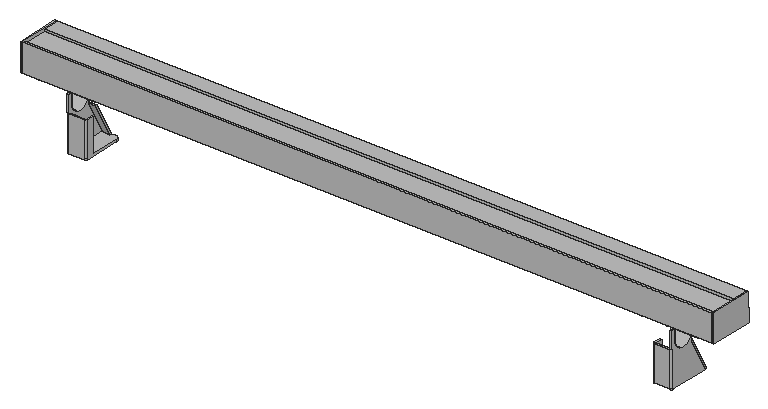
Revit family "4070755+4070747+4070771 Feilo Sylvania Lighting Fixtures CURSUS 876MM 577LM WIDE LED 4K with SINGLE WALL HOUSING with 70MM WALL BRACKET", category Lighting Fixtures, host Face, Revit 2017
Family settings
  Host = Face
  Round Connector Dimension = Use Diameter
  Part Type = Normal
  OmniClass Number = 23.80.70.14
  OmniClass Title = Luminaries for External Lighting
  Cut with Voids When Loaded = Yes
  Light Source = No
  Shared = No
  Room Calculation Point = No
Parameters (values of type "4070755 CURSUS 876MM 577LM WIDE LED 4K")
  Weight = "1.7 kg"
  Wattage Comments = "n/a"
  WarrantyStartDate [instance] = "n/a"
  WarrantyGuarantorParts = "n/a"
  WarrantyDurationUnit = "n/a"
  WarrantyDurationParts = "n/a"
  WarrantyDescription = "n/a"
  Voltage = 24 V
  URL = "http://www.sylvania-lighting.com"
  TypeName = "CURSUS 876MM 577LM WIDE LED 4K"
  TypeFixture_FEILO = CURSUS with SINGLE WALL HOUSING : CURSUS 876MM 577LM WIDE LED 4K
  Type Image = <None>
  Type Comments = "n/a"
  TiltAngle [instance] = 0.00°
  StartAngle [instance] = TiltAngle + 270.00°  # 270.00°
  SerialNumber [instance] = "n/a"
  ReflectorMaterial = none
  PowerFactor = 0
  PowerConsumption = "13.5 W"
  NominalLength = 876 mm
  NominalHeight = 50 mm
  NominalDepth = 30 mm
  Name = "CURSUS 876MM 577LM WIDE LED 4K"
  ModelReference = Name  # "CURSUS 876MM 577LM WIDE LED 4K"
  ModelNumber = "4070755"
  Model = Name  # "CURSUS 876MM 577LM WIDE LED 4K"
  Material = "natural anodised extruded aluminium structure housing"
  ManufacturerName = "Feilo Sylvania"
  Manufacturer = "Feilo Sylvania"
  LuminousEfficacy = "42.74 lm/W"
  LuminaireType = ""
  LightOutputRatio = "100"
  LampsType = Lamp  # "LED"
  LampNominalLuminous = "577 lm"
  LampMacAdamStep = "n/a"
  LampColourTemperature = "4000 K"
  LampColourRenderingIndex = "80"
  Lamp = "LED"
  Keynote = "16500"
  InstallationDate [instance] = "n/a"
  InputVoltage = "24V DC"
  InputNominalFrequency = "n/a"
  IngressProtection = "IP67"
  ImpactProtectionIndex = "IK07"
  IfcExportType = "IfcLightFixtureType"
  IfcExportAs = "IfcLightFixtureType"
  ExpectedLife = 50000
  EndAngle [instance] = StartAngle - 180.00°  # 90.00°
  ElectricShockClassification = "Class III"
  DurationUnit = "hours"
  DocumentationLiterature = "http://www.sylvania-lighting.com/product/en-int/products/4070755"
  DimmingControlOptions = "n/a"
  DiffuserMaterial = Diffuser-Sylvania-Glow
  Description = "LED Exterior Lighting Recessed Surface Mounted Linear Fixture, Natural anodised extruded aluminium structure. Die-cast aluminium end caps. Installation kit with harmonic steel springs., 577 lm, 13,5W,  42lm/W, 4000K, CRI80+,non dimmable,IP67, IK07, (HxWxD) 876x50x30mm, 3 step Mac Adam Ellipse, 1.7kg,, Classe III, 21-25V-DC, energy class : A++, A+, A"
  Default Elevation = 1219.2 mm
  CreatedOn = "1/8/2018"
  CreatedBy = ""
  Cost = 0
  built-in parameter 1114216 [instance] = (empty or 0)
  ClassificationValue = "EF_70_80"
  ClassificationName = "Uniclass2015"
  BracketWidth = 24 mm
  BracketThickness = 2 mm
  BracketHeightEnd = 32 mm
  BracketHeight = 55 mm
  BracketFlange = BracketHeight / 5  # 11 mm
  BracketExtension = 70 mm
  BracketEndReduction = 25 mm
  BracketC = 22 mm  # constant formula
  BracketDistance = 745 mm
  BracketD = BracketHeightEnd - (BracketC * (BracketHeight - BracketHeightEnd) / (BracketExtension - BracketEndReduction))  # 20.756 mm
  BodyMaterial = Body-Sylvania-Gray
  BarCode [instance] = "n/a"
  AssetType = "Fixed"
  AssetIdentifier [instance] = "n/a"
  Assembly Code = "D5020200"
  Apparent Load = 13.5 VA
  AccessoryMaterial = Diffuser-Sylvania-Glow
Reference planes
  plane 1 "Center (Front/Back)": y = 0
  plane 2: z = 0
  plane 3 "Center (Left/Right)": x = 0
  plane 4: x = -384.5
  plane 5: x = 384.5
  plane 6: y = 55
  plane 7: x = -360.5
  plane 8: x = 360.5
  plane 9: z = 70
  plane 10: z = 56
  plane 11: z = 2
  plane 12: z = 45
  plane 13: x = -382.5
  plane 14: y = 53
  plane 15: y = 2
  plane 16: x = -362.5
  plane 17: x = 362.5
  plane 18: x = 382.5
  plane 19: x = -372.5
  plane 20: x = 372.5
  plane 21: y = 11
  plane 22: y = 32
  plane 23: y = 30
  plane 24: z = 67
  plane 25: y = 20.756
  plane 26: y = 16
Forms (mm)
  Blend 1, solid, material "Body-Sylvania-Gray" <- "BodyMaterial"
    base sketch origin (1223.4, -4572, 2) x (0, -1, 0) y (1, 0, 0)
      loop
        line (-4625, -1595.9) -> (-4627, -1595.9) -> (-4627, -1605.9)
        arc (-4627, -1605.9) -> (-4626.414, -1607.314) -> (-4625, -1607.9) r 2
        line (-4625, -1607.9) -> (-4574, -1607.9)
        arc (-4574, -1607.9) -> (-4572.586, -1607.314) -> (-4572, -1605.9) r 2
        line (-4572, -1605.9) -> (-4572, -1585.9)
        arc (-4572, -1585.9) -> (-4572.586, -1584.486) -> (-4574, -1583.9) r 2
        line (-4574, -1583.9) -> (-4583, -1583.9) -> (-4583, -1585.9) -> (-4574, -1585.9) -> (-4574, -1605.9) -> (-4625, -1605.9) -> (-4625, -1595.9)
    top sketch origin (1223.4, -4572, 2) x (0, -1, 0) y (1, 0, 0)
      loop
        line (-4583, -1585.9) -> (-4574, -1585.9) -> (-4574, -1605.9) -> (-4602, -1605.9) -> (-4602, -1595.9) -> (-4604, -1595.9) -> (-4604, -1605.9)
        arc (-4604, -1605.9) -> (-4603.52, -1607.21) -> (-4602.309, -1607.9) r 2.028
        line (-4602.309, -1607.9) -> (-4574, -1607.9)
        arc (-4574, -1607.9) -> (-4572.586, -1607.314) -> (-4572, -1605.9) r 2
        line (-4572, -1605.9) -> (-4572, -1585.9)
        arc (-4572, -1585.9) -> (-4572.586, -1584.486) -> (-4574, -1583.9) r 2
        line (-4574, -1583.9) -> (-4583, -1583.9) -> (-4583, -1585.9)
    from 0 to 43
  Extrusion 2, solid, material "Body-Sylvania-Gray" <- "BodyMaterial"
    sketch origin (0, 0, 0) x (1, 0, 0) y (0, 1, 0)
      loop
        arc (-382.5, 55) -> (-383.914, 54.414) -> (-384.5, 53) r 2
        line (-384.5, 53) -> (-384.5, 2)
        arc (-384.5, 2) -> (-383.914, 0.586) -> (-382.5, 0) r 2
        line (-382.5, 0) -> (-362.5, 0)
        arc (-362.5, 0) -> (-361.086, 0.586) -> (-360.5, 2) r 2
        line (-360.5, 2) -> (-360.5, 47.5)
        arc (-360.5, 47.5) -> (-362.697, 52.803) -> (-368, 55) r 7.5
        line (-368, 55) -> (-382.5, 55)
      loop
        line (382.5, 55) -> (368, 55)
        arc (368, 55) -> (362.697, 52.803) -> (360.5, 47.5) r 7.5
        line (360.5, 47.5) -> (360.5, 2)
        arc (360.5, 2) -> (361.086, 0.586) -> (362.5, 0) r 2
        line (362.5, 0) -> (382.5, 0)
        arc (382.5, 0) -> (383.914, 0.586) -> (384.5, 2) r 2
        line (384.5, 2) -> (384.5, 53)
        arc (384.5, 53) -> (383.914, 54.414) -> (382.5, 55) r 2
    from 0 to 2
  Blend 3, solid, material "Body-Sylvania-Gray" <- "BodyMaterial"
    base sketch origin (1223.4, -4572, 2) x (0, -1, 0) y (1, 0, 0)
      loop
        line (-4625, -840.9) -> (-4574, -840.9) -> (-4574, -860.9) -> (-4583, -860.9) -> (-4583, -862.9) -> (-4574, -862.9)
        arc (-4574, -862.9) -> (-4572.586, -862.314) -> (-4572, -860.9) r 2
        line (-4572, -860.9) -> (-4572, -840.9)
        arc (-4572, -840.9) -> (-4572.586, -839.486) -> (-4574, -838.9) r 2
        line (-4574, -838.9) -> (-4625, -838.9)
        arc (-4625, -838.9) -> (-4626.414, -839.486) -> (-4627, -840.9) r 2
        line (-4627, -840.9) -> (-4627, -850.9) -> (-4625, -850.9) -> (-4625, -840.9)
    top sketch origin (1223.4, -4572, 2) x (0, -1, 0) y (1, 0, 0)
      loop
        line (-4602, -850.9) -> (-4602, -840.9) -> (-4574, -840.9) -> (-4574, -860.9) -> (-4583, -860.9) -> (-4583, -862.9) -> (-4574, -862.9)
        arc (-4574, -862.9) -> (-4572.586, -862.314) -> (-4572, -860.9) r 2
        line (-4572, -860.9) -> (-4572, -840.9)
        arc (-4572, -840.9) -> (-4572.586, -839.486) -> (-4574, -838.9) r 2
        line (-4574, -838.9) -> (-4602, -838.9)
        arc (-4602, -838.9) -> (-4603.414, -839.486) -> (-4604, -840.9) r 2
        line (-4604, -840.9) -> (-4604, -850.9) -> (-4602, -850.9)
    from 0 to 43
  Blend 4, solid, material "Body-Sylvania-Gray" <- "BodyMaterial"
    base sketch origin (1223.4, -4572, 45) x (0, -1, 0) y (1, 0, 0)
      loop
        line (-4604, -1607.9) -> (-4572, -1607.9) -> (-4572, -1605.9) -> (-4604, -1605.9) -> (-4604, -1607.9)
    top sketch origin (1223.4, -4572, 45) x (0, -1, 0) y (1, 0, 0)
      loop
        line (-4572, -1607.9) -> (-4572, -1605.9) -> (-4592.756, -1605.9) -> (-4592.756, -1607.9) -> (-4572, -1607.9)
    from 0 to 22
  Blend 5, solid, material "Body-Sylvania-Gray" <- "BodyMaterial"
    base sketch origin (1223.4, -4572, 45) x (0, -1, 0) y (1, 0, 0)
      loop
        line (-4604, -840.9) -> (-4572, -840.9) -> (-4572, -838.9) -> (-4604, -838.9) -> (-4604, -840.9)
    top sketch origin (1223.4, -4572, 45) x (0, -1, 0) y (1, 0, 0)
      loop
        line (-4572, -838.9) -> (-4592.756, -838.9) -> (-4592.756, -840.9) -> (-4572, -840.9) -> (-4572, -838.9)
    from 0 to 22
  Extrusion 6, void
    sketch origin (0, 0, 0) x (0, 1, 0) y (0, 0, 1)
      loop
        line (0, 45) -> (2, 45) -> (2, 46.5) -> (0, 46.5) -> (0, 45)
      loop
        line (32, 45) -> (32, 46.5) -> (30, 46.5) -> (30, 45) -> (32, 45)
    from -384.5 to 384.5
  Revolve 7, solid, not visible
    sketch origin (1524, 16, 1219.2) x (1, 0, 0) y (0, 0, 1)
      loop
        line (-1524, -1152.2) -> (-1524, -1163.2) -> (-1151.5, -1163.2) -> (-1151.5, -1152.2) -> (-1524, -1152.2)
      axis (-1151.5, -1163.2) -> (-1524, -1163.2)
    angle from 270 <- "StartAngle" to 90 <- "EndAngle"
Cuts and joins
  Extrusion 6 cuts Blend 4
  Extrusion 6 cuts Blend 5
  joined: Blend 1, Extrusion 2, Blend 3, Blend 4, Blend 5
Lines and regions (mm)
  reference lines, not visible
    curve 1: line (-360.5, 16, 56) -> (360.5, 16, 56)
Dimensions and locks
  equal spacing: plane 4, plane 3 "Center (Left/Right)", plane 5
  "BracketDistance": plane 19 to plane 20
  "BracketHeight": plane 1 "Center (Front/Back)" to plane 6
  equal spacing: plane 7, plane 3 "Center (Left/Right)", plane 8
  "BracketWidth": plane 4 to plane 7
  "BracketExtension": plane 9 to plane 2
  "BracketThickness": plane 11 to plane 2
  "BracketEndReduction": plane 9 to plane 12
  equal spacing: plane 13, plane 3 "Center (Left/Right)", plane 18
  equal spacing: plane 16, plane 3 "Center (Left/Right)", plane 17
  "BracketThickness": plane 4 to plane 13
  "BracketThickness": plane 16 to plane 7
  "BracketThickness": plane 14 to plane 6
  "BracketThickness": plane 1 "Center (Front/Back)" to plane 15
  equal spacing: plane 4, plane 19, plane 7
  equal spacing: plane 8, plane 20, plane 5
  "BracketFlange": plane 1 "Center (Front/Back)" to plane 21
  "BracketHeightEnd": plane 1 "Center (Front/Back)" to plane 22
  "BracketThickness": plane 23 to plane 22
  locked: Extrusion 2 sketch curve to plane 7 at 7.5
  locked: Extrusion 2 sketch curve to plane 6 at 7.5  (x2)
  locked: plane 8 to Extrusion 2 sketch curve at 7.5
  "BracketC": plane 24 to plane 12
  "BracketD": plane 1 "Center (Front/Back)" to plane 25
  locked: plane 12 to Extrusion 6 sketch curve at 1.5
  equal spacing: plane 24, plane 10, plane 12
  equal spacing: plane 1 "Center (Front/Back)", plane 26, plane 22
  aligned and locked: plane 2 to host face
  aligned and locked: level to host face
  aligned and locked: plane 4 to Blend 1 sketch curve  (x2)
  aligned and locked: plane 13 to Blend 1 sketch curve  (x3)
  aligned and locked: Blend 1 sketch curve to plane 15
  aligned and locked: Blend 1 sketch curve to plane 16
  aligned and locked: Blend 1 sketch curve to plane 21
  aligned and locked: plane 7 to Blend 1 sketch curve
  aligned and locked: plane 16 to Blend 1 sketch curve
  aligned and locked: plane 1 "Center (Front/Back)" to Blend 1 sketch curve
  aligned and locked: plane 14 to Blend 1 sketch curve
  aligned and locked: Blend 1 sketch curve to var sketch  (x6)
  aligned and locked: Blend 1 sketch curve to plane 19
  aligned and locked: Blend 1 sketch curve to plane 22
  aligned and locked: plane 23 to Blend 1 sketch curve
  aligned and locked: plane 11 to Blend 1
  aligned and locked: Extrusion 2 sketch curve to Blend 1  (x3)
  aligned and locked: Extrusion 2 to level
  aligned and locked: Extrusion 2 to plane 11
  aligned and locked: Extrusion 2 sketch curve to plane 7
  aligned and locked: plane 18 to Blend 3 sketch curve  (x4)
  aligned and locked: plane 14 to Blend 3 sketch curve  (x2)
  aligned and locked: Blend 3 sketch curve to plane 20
  aligned and locked: Blend 3 sketch curve to plane 6
  aligned and locked: plane 5 to Blend 3 sketch curve
  aligned and locked: plane 1 "Center (Front/Back)" to Blend 3 sketch curve
  aligned and locked: plane 15 to Blend 3 sketch curve  (x2)
  aligned and locked: Blend 3 sketch curve to plane 8
  aligned and locked: Blend 3 sketch curve to plane 21
  aligned and locked: plane 17 to Blend 3 sketch curve
  aligned and locked: Blend 3 sketch curve to plane 18
  aligned and locked: plane 20 to Blend 3 sketch curve  (x2)
  aligned and locked: Blend 3 sketch curve to plane 23
  aligned and locked: Blend 3 sketch curve to var sketch  (x8)
  aligned and locked: var sketch to Blend 3 sketch curve
  aligned and locked: plane 22 to Blend 3 sketch curve
  aligned and locked: plane 11 to Blend 3
  aligned and locked: Extrusion 2 sketch curve to Blend 3  (x4)
  aligned and locked: Blend 1 to plane 12
  aligned and locked: Blend 3 to plane 12
  aligned and locked: Blend 4 sketch curve to plane 22
  aligned and locked: Blend 4 sketch curve to cut or joined group of Blend 1, Extrusion 2, Blend 3, Blend 4, Blend 5, Extrusion 6  (x2)
  aligned and locked: cut or joined group of Blend 1, Extrusion 2, Blend 3, Blend 4, Blend 5, Extrusion 6 to Blend 4 sketch curve
  aligned and locked: Blend 4 sketch curve to var sketch  (x2)
  aligned and locked: Blend 4 sketch curve to plane 13
  aligned and locked: Blend 4 to plane 24
  aligned and locked: Blend 4 sketch curve to plane 25
  aligned and locked: Blend 5 sketch curve to plane 18  (x2)
  aligned and locked: plane 1 "Center (Front/Back)" to Blend 5 sketch curve
  aligned and locked: plane 5 to Blend 5 sketch curve
  aligned and locked: plane 22 to Blend 5 sketch curve
  aligned and locked: Blend 5 sketch curve to var sketch
  aligned and locked: var sketch to Blend 5 sketch curve
  aligned and locked: Blend 5 sketch curve to plane 25
  aligned and locked: Blend 5 to plane 24
  aligned and locked: plane 12 to Blend 5
  aligned and locked: Extrusion 6 sketch curve to cut or joined group of Blend 1, Extrusion 2, Blend 3, Blend 4, Blend 5, Extrusion 6  (x2)
  aligned and locked: Extrusion 6 sketch curve to Extrusion 6 sketch curve
  aligned and locked: Extrusion 6 sketch curve to plane 15
  aligned and locked: plane 5 to Extrusion 6
  aligned and locked: Extrusion 6 to plane 4
  aligned and locked: Extrusion 6 sketch curve to plane 23
  aligned and locked: Revolve 7 sketch curve to plane 10  (x2)
  aligned and locked: plane 24 to Revolve 7 sketch curve
  aligned and locked: plane 3 "Center (Left/Right)" to Revolve 7 sketch curve
  aligned and locked: Revolve 7 sketch curve to plane 20
  aligned and locked: plane 7 to curve 1
  aligned and locked: plane 10 to curve 1
  aligned and locked: nested 1 to plane 5
  aligned and locked: nested 2 to plane 4
  aligned and locked: nested 1 to curve 1
  aligned and locked: nested 2 to curve 1
  aligned and locked: nested 1 to nested 3
  aligned and locked: nested 3 to plane 3 "Center (Left/Right)"
Automatic sketch dimensions
  host sketch curve to host sketch curve = 2438.4 mm  (x2)
  Blend 1 sketch curve to plane 13 = 0 mm
  plane 15 to Blend 1 sketch curve = 0 mm  (x3)
  Blend 1 sketch curve to plane 23 = 0.309 mm
  plane 6 to Blend 1 sketch curve = 0 mm
  plane 14 to Blend 1 sketch curve = 0 mm
  Blend 1 sketch curve to plane 19 = 0 mm
  Blend 3 sketch curve to plane 17 = 0 mm
  Extrusion 6 sketch curve to plane 1 "Center (Front/Back)" = 0 mm
  plane 12 to Extrusion 6 sketch curve = 0 mm
  Revolve 7 sketch curve to plane 4 = 1153 mm
  plane 5 to Revolve 7 sketch curve = 1161.4 mm
  curve 1 to plane 8 = 0 mm
Nested families
  nested 1: "MountingPlate" at (383.5, 16, 56) x (-1, 0, 0) z (0, 0, 1), type "MountingPlate"
  nested 2: "MountingPlate" at (-383.5, 16, 56) x (-1, 0, 0) z (0, 0, 1), type "MountingPlate"
  nested 3: "CURSUS with SINGLE WALL HOUSING" at (0, -4, 74) x (-1, 0, 0) z (0, 0, 1), type <- "TypeFixture_FEILO", type "CURSUS 876MM 577LM WIDE LED 4K"
    with WarrantyStartDate "n/a", SerialNumber "n/a", InstallationDate "n/a", EndCapRight yes, EndCapLeft yes, built-in parameter 1114216 (empty or 0), BarCode "n/a", AssetIdentifier "n/a"
Connectors
  electrical at (0, 0, 0), driven by "Voltage", driven by "Apparent Load", driven by "PowerFactor"
    settings: index 1, voltage 24 V, apparent load 13.5 VA, apparent load phase1 0 VA, apparent load phase2 0 VA, apparent load phase3 0 VA, power factor 0, load classification "Other", number of poles 1, system type 30, power factor state 1, is connector primary yes, connector utility no, sub classification motor no, connector description ""
Definition of nested family "MountingPlate"
  Parameters (values of type "MountingPlate")
    URL = "http://www.feilosylvania.com"
    Type Comments = "n/a"
    ReflectorMaterial = none
    MountingPlateWidth = 76 mm
    MountingPlateThickness = 2 mm
    MountingPlateRadiusBack = 12 mm
    MountingPlateRadius = 3 mm
    MountingPlateHeight = 35 mm
    Model = "n/a"
    Manufacturer = "Feilo Sylvania"
    Keynote = "n/a"
    DiffuserMaterial = none
    Description = "n/a"
    Default Elevation = 1219.2 mm
    Cost = 0
    BodyMaterial = none
    Assembly Code = "n/a"
    AccessoryMaterial = none
  Reference planes
    plane 1 "Center (Front/Back)": y = 0
    plane 2: z = 0
    plane 3 "Center (Left/Right)": x = 0
    plane 4: x = -38
    plane 5: x = 38
    plane 6: y = 17.5
    plane 7: y = -17.5
    plane 8: x = -3
    plane 9: x = 3
    plane 10: z = 18
    plane 11: z = 16
    plane 12: y = 12.5
    plane 13: y = -12.5
    plane 14: x = -1
    plane 15: x = 1
    plane 16: z = -12.5
    plane 17: z = -14.5
  Forms (mm)
    Extrusion 1, solid
      sketch origin (1.653, 0, 0) x (1, 0, 0) y (0, 1, 0)
        loop
          line (-1219.2, 1219.2) -> (-1219.2, -1219.2) -> (1219.2, -1219.2) -> (1219.2, 1219.2) -> (-1219.2, 1219.2)
      from 0 to -304.8
    Extrusion 2, solid, material <- "BodyMaterial"
      sketch origin (1218.4, -4572, 16) x (0, -1, 0) y (-1, 0, 0)
        loop
          line (-4589.5, 1253.4) -> (-4589.5, 1224.4)
          arc (-4589.5, 1224.4) -> (-4588.621, 1222.279) -> (-4586.5, 1221.4) r 3
          line (-4586.5, 1221.4) -> (-4557.5, 1221.4)
          arc (-4557.5, 1221.4) -> (-4555.379, 1222.279) -> (-4554.5, 1224.4) r 3
          line (-4554.5, 1224.4) -> (-4554.5, 1253.4)
          arc (-4554.5, 1253.4) -> (-4555.379, 1255.521) -> (-4557.5, 1256.4) r 3
          line (-4557.5, 1256.4) -> (-4586.5, 1256.4)
          arc (-4586.5, 1256.4) -> (-4588.621, 1255.521) -> (-4589.5, 1253.4) r 3
        loop
          arc (-4589.5, 1183.4) -> (-4588.621, 1181.279) -> (-4586.5, 1180.4) r 3
          line (-4586.5, 1180.4) -> (-4557.5, 1180.4)
          arc (-4557.5, 1180.4) -> (-4555.379, 1181.279) -> (-4554.5, 1183.4) r 3
          line (-4554.5, 1183.4) -> (-4554.5, 1212.4)
          arc (-4554.5, 1212.4) -> (-4555.379, 1214.521) -> (-4557.5, 1215.4) r 3
          line (-4557.5, 1215.4) -> (-4586.5, 1215.4)
          arc (-4586.5, 1215.4) -> (-4588.621, 1214.521) -> (-4589.5, 1212.4) r 3
          line (-4589.5, 1212.4) -> (-4589.5, 1183.4)
      from 0 to -2
    Extrusion 3, solid, material <- "BodyMaterial"
      sketch origin (0, 0, 0) x (1, 0, 0) y (0, 0, 1)
        loop
          line (-3, 18) -> (-3, -12.5) -> (-1, -12.5) -> (-1, 16)
          arc (-1, 16) -> (-1.586, 17.414) -> (-3, 18) r 2
        loop
          line (3, -12.5) -> (3, 18)
          arc (3, 18) -> (1.586, 17.414) -> (1, 16) r 2
          line (1, 16) -> (1, -12.5) -> (3, -12.5)
      from -12.5 to 12.5
    Extrusion 4, void
      sketch origin (0, 0, 0) x (0, 1, 0) y (0, 0, 1)
        loop
          line (-12.5, -0.5) -> (-17.5, -0.5) -> (-17.5, -14.5) -> (-0.5, -14.5) -> (-0.5, -12.5)
          arc (-0.5, -12.5) -> (-8.985, -8.985) -> (-12.5, -0.5) r 12
        loop
          line (0.5, -12.5) -> (0.5, -14.5) -> (17.5, -14.5) -> (17.5, -0.5) -> (12.5, -0.5)
          arc (12.5, -0.5) -> (8.985, -8.985) -> (0.5, -12.5) r 12
      from -3 to 3
  Cuts and joins
    Extrusion 4 cuts Extrusion 2
    Extrusion 4 cuts Extrusion 3
    joined: Extrusion 2, Extrusion 3
  Lines and regions (mm)
    reference lines
      curve 1: line (-38, 0, 0) -> (38, 0, 0)
  Dimensions and locks
    equal spacing: plane 4, plane 3 "Center (Left/Right)", plane 5
    "MountingPlateWidth": plane 4 to plane 5
    equal spacing: plane 7, plane 1 "Center (Front/Back)", plane 6
    "MountingPlateHeight": plane 7 to plane 6
    equal spacing: plane 8, plane 3 "Center (Left/Right)", plane 9
    "MountingPlateHeight": plane 4 to plane 8
    locked: plane 10 to plane 2 at 18
    "MountingPlateThickness": plane 10 to plane 11
    equal spacing: plane 13, plane 1 "Center (Front/Back)", plane 12
    locked: plane 13 to plane 12 at 25
    "MountingPlateRadius": plane 4 to Extrusion 2 sketch curve  (x2)
    "MountingPlateRadius": Extrusion 2 sketch curve to plane 6  (x4)
    "MountingPlateRadius": Extrusion 2 sketch curve to plane 8  (x2)
    "MountingPlateRadius": plane 7 to Extrusion 2 sketch curve  (x4)
    "MountingPlateRadius": plane 9 to Extrusion 2 sketch curve  (x2)
    "MountingPlateRadius": Extrusion 2 sketch curve to plane 5  (x2)
    equal spacing: plane 15, plane 3 "Center (Left/Right)", plane 14
    "MountingPlateThickness": plane 14 to plane 8
    locked: plane 2 to plane 16 at 12.5
    locked: plane 17 to plane 16 at 2
    "MountingPlateRadiusBack": plane 13 to Extrusion 4 sketch curve
    "MountingPlateRadiusBack": plane 16 to Extrusion 4 sketch curve  (x2)
    "MountingPlateRadiusBack": Extrusion 4 sketch curve to plane 12
    aligned and locked: plane 2 to Extrusion 1
    aligned and locked: level to Extrusion 1
    aligned and locked: Extrusion 2 sketch curve to plane 6
    aligned and locked: Extrusion 2 sketch curve to plane 4
    aligned and locked: plane 7 to Extrusion 2 sketch curve
    aligned and locked: plane 8 to Extrusion 2 sketch curve
    aligned and locked: plane 6 to Extrusion 2 sketch curve
    aligned and locked: Extrusion 2 sketch curve to plane 5
    aligned and locked: Extrusion 2 sketch curve to plane 7
    aligned and locked: plane 9 to Extrusion 2 sketch curve
    aligned and locked: Extrusion 2 to plane 10
    aligned and locked: plane 11 to Extrusion 2
    aligned and locked: Extrusion 3 sketch curve to Extrusion 2  (x2)
    aligned and locked: plane 16 to Extrusion 3 sketch curve  (x2)
    aligned and locked: plane 14 to Extrusion 3 sketch curve
    aligned and locked: plane 9 to Extrusion 3 sketch curve
    aligned and locked: plane 15 to Extrusion 3 sketch curve
    aligned and locked: Extrusion 3 to plane 12
    aligned and locked: plane 13 to Extrusion 3
    aligned and locked: plane 17 to Extrusion 4 sketch curve  (x2)
    aligned and locked: Extrusion 4 sketch curve to plane 7
    aligned and locked: Extrusion 4 sketch curve to plane 6
    aligned and locked: plane 9 to Extrusion 4
    aligned and locked: Extrusion 4 to plane 8
    aligned and locked: plane 4 to curve 1
    aligned and locked: curve 1 to level
  Automatic sketch dimensions
    Extrusion 1 sketch curve to Extrusion 1 sketch curve = 2438.4 mm  (x2)
    Extrusion 3 sketch curve to plane 11 = 0 mm
    curve 1 to plane 5 = 0 mm
    Extrusion 4 sketch curve to plane 13 = 0 mm
    Extrusion 4 sketch curve to plane 12 = 0 mm
Definition of nested family "CURSUS with SINGLE WALL HOUSING"
  Parameters (values of type "CURSUS 1161MM 827LM OVAL LED 3K")
    Width_FEILO = 35 mm
    Weight = "2.2 kg"
    Wattage Comments = "n/a"
    Wattage = 18 W
    WarrantyStartDate [instance] = "n/a"
    WarrantyGuarantorParts = "n/a"
    WarrantyDurationUnit = "n/a"
    WarrantyDurationParts = "n/a"
    WarrantyDescription = "n/a"
    WallThickness_FEILO = 2.5 mm
    built-in parameter 1150110 = 1 (stored number, unit not read)
    Voltage = 24 V
    URL = "http://www.feilosylvania.com"
    TypeName = "CURSUS 1161MM 827LM OVAL LED 3K"
    Type Image = (empty or 0)
    Type Comments = "n/a"
    built-in parameter 1114217 = 1 (stored number, unit not read)
    Tilt Angle = -90.00°
    built-in parameter 1150109 = 1 (stored number, unit not read)
    built-in parameter 1150134 = (empty or 0)
    built-in parameter 1150113 = 1 (stored number, unit not read)
    SerialNumber [instance] = "n/a"
    ReflectorMaterial = none
    PowerFactor = 0
    PowerConsumption = "18 W"
    Photometric Web File = "4070765.ies"
    NominalLength = 1161 mm
    NominalHeight = 50 mm
    NominalDepth = 30 mm
    Name = "CURSUS 1161MM 827LM OVAL LED 3K"
    ModelReference = Name  # "CURSUS 1161MM 827LM OVAL LED 3K"
    ModelNumber = ""
    Model = Name  # "CURSUS 1161MM 827LM OVAL LED 3K"
    Material = "natural anodised extruded aluminium structure housing, optical system with pmma lenses diffuser"
    ManufacturerName = "Feilo Sylvania"
    Manufacturer = "Feilo Sylvania"
    LuminousEfficacy = "45.94 lm/W"
    built-in parameter 1150105 = 1166.5 (stored number, unit not read)
    Lumens = 827 lm
    LuminaireType = ""
    built-in parameter 1150115 = 1 (stored number, unit not read)
    LightOutputRatio = "100"
    built-in parameter 1150137 = (empty or 0)
    built-in parameter 1150139 = (empty or 0)
    Length_FEILO = 1167 mm
    LampsType = Lamp  # "LED"
    LampNominalLuminous = "827 lm"
    LampMacAdamStep = "n/a"
    LampColourTemperature = "3000 K"
    LampColourRenderingIndex = "80"
    built-in parameter 1150112 = 1 (stored number, unit not read)
    built-in parameter 1150114 = 1 (stored number, unit not read)
    Lamp = "LED"
    Keynote = "16500"
    InstallationDate [instance] = "n/a"
    InputVoltage = "24V DC"
    InputNominalFrequency = "n/a"
    built-in parameter 1150132 = (empty or 0)
    built-in parameter 1150102 = (empty or 0)
    built-in parameter 1150107 = 3000 (stored number, unit not read)
    built-in parameter 1150138 = (empty or 0)
    IngressProtection = "IP67"
    ImpactProtectionIndex = "IK07"
    built-in parameter 1150106 = 11.665 (stored number, unit not read)
    IfcExportType = "IfcLightFixtureType"
    IfcExportAs = "IfcLightFixtureType"
    ExpectedLife = 50000
    EndCapRight [instance] = yes
    EndCapLeft [instance] = yes
    Emit from Rectangle Width = Width_FEILO - WallThickness_FEILO * 2  # 30 mm
    Emit from Rectangle Length = Length_FEILO - WallThickness_FEILO * 2  # 1162 mm
    Emit Shape Visible in Rendering = no
    ElectricShockClassification = "Class III"
    built-in parameter 1150104 = 4.2684 (stored number, unit not read)
    DurationUnit = "hours"
    DocumentationLiterature = "http://www.feilosylvania.com/product/en-int/products/4070765"
    DimmingControlOptions = "n/a"
    Dimming Lamp Color Temperature Shift = (empty or 0)
    DiffuserMaterial = none
    Description = "LED Exterior Lighting Recessed Surface Mounted Linear Fixture, Natural anodised extruded aluminium structure. Die-cast aluminium end caps. Installation kit with harmonic steel springs., 827 lm, 18W, 45lm/W, 3000K, CRI80+,non dimmable,IP67, IK07, (HxWxD) 1161x50x30mm, 3 step Mac Adam Ellipse, 2.2kg,, Classe III, 21-25V-DC, energy class : A++, A+, A"
    Default Elevation = 1219.2 mm
    CreatedOn = "1/8/2018"
    CreatedBy = "aron.fodor@feilosylvania.com"
    Cost = 0
    Color Filter = 16777215
    built-in parameter 1114216 [instance] = (empty or 0)
    ClassificationValue = "EF_70_80"
    ClassificationName = "Uniclass2015"
    BodyMaterial = none
    BarCode [instance] = "n/a"
    built-in parameter 1114218 = 1 (stored number, unit not read)
    built-in parameter 1150133 = 10 (stored number, unit not read)
    AssetType = "Fixed"
    AssetIdentifier [instance] = "n/a"
    Assembly Code = "D5020200"
    Apparent Load = 18 VA
    AccessoryMaterial = none
  Types (16, lengths in mm): name | Weight | Wattage | Voltage | TypeName | built-in parameter 1150134 | PowerConsumption | Photometric Web File | NominalLength | Name | ModelReference | Model | Material | LuminousEfficacy | built-in parameter 1150105 | Lumens | Length_FEILO | LampNominalLuminous | LampColourTemperature | InputVoltage | InputNominalFrequency | built-in parameter 1150107 | built-in parameter 1150106 | Emit from Rectangle Length | built-in parameter 1150104 | DocumentationLiterature | Description | Apparent Load
    CURSUS 1161MM 827LM OVAL LED 3K | "2.2 kg" | 18 W | 24 V | "CURSUS 1161MM 827LM OVAL LED 3K" | (empty or 0) | "18 W" | "4070765.ies" | 1161 | "CURSUS 1161MM 827LM OVAL LED 3K" | "CURSUS 1161MM 827LM OVAL LED 3K" | "CURSUS 1161MM 827LM OVAL LED 3K" | "natural anodised extruded aluminium structure housing, optical system with pmma lenses diffuser" | "45.94 lm/W" | 1166.5 (stored number, unit not read) | 827 lm | 1167 | "827 lm" | "3000 K" | "24V DC" | "n/a" | 3000 (stored number, unit not read) | 11.665 (stored number, unit not read) | 1162 | 4.2684 (stored number, unit not read) | "http://www.feilosylvania.com/product/en-int/products/4070765" | "LED Exterior Lighting Recessed Surface Mounted Linear Fixture, Natural anodised extruded aluminium structure. Die-cast aluminium end caps. Installation kit with harmonic steel springs., 827 lm, 18W, 45lm/W, 3000K, CRI80+,non dimmable,IP67, IK07, (HxWxD) 1161x50x30mm, 3 step Mac Adam Ellipse, 2.2kg,, Classe III, 21-25V-DC, energy class : A++, A+, A" | 18 VA
    CURSUS 1161MM 731LM WIDE LED 3K | "2.2 kg" | 18 W | 230 V | "CURSUS 1161MM 731LM WIDE LED 3K" | (empty or 0) | "18 W" | "4070764.ies" | 1161 | "CURSUS 1161MM 731LM WIDE LED 3K" | "CURSUS 1161MM 731LM WIDE LED 3K" | "CURSUS 1161MM 731LM WIDE LED 3K" | "natural anodised extruded aluminium structure housing" | "40.61 lm/W" | 403.47 (stored number, unit not read) | 731 lm | 1167 | "731 lm" | "3000 K" | "220-240V~" | "n/a" | 3000 (stored number, unit not read) | 4.0347 (stored number, unit not read) | 1162 | 3.7729 (stored number, unit not read) | "http://www.feilosylvania.com/product/en-int/products/4070764" | "LED Exterior Lighting Recessed Surface Mounted Linear Fixture, Natural anodised extruded aluminium structure. Die-cast aluminium end caps. Installation kit with harmonic steel springs., 731 lm, 18W, 40lm/W, 3000K, CRI80+,non dimmable,IP67, IK07, (HxWxD) 1161x50x30mm, 3 step Mac Adam Ellipse, 2.2kg,, Classe III, 21-25V-DC, energy class : A++, A+, A" | 18 VA
    CURSUS 1161MM 871LM OVAL LED 4K | "2.2 kg" | 18 W | 24 V | "CURSUS 1161MM 871LM OVAL LED 4K" | 12 | "18 W" | "4070763.ies" | 1161 | "CURSUS 1161MM 871LM OVAL LED 4K" | "CURSUS 1161MM 871LM OVAL LED 4K" | "CURSUS 1161MM 871LM OVAL LED 4K" | "natural anodised extruded aluminium structure housing, optical system with pmma lenses diffuser" | "48.38 lm/W" | 1192.8 (stored number, unit not read) | 871 lm | 1167 | "871 lm" | "4000 K" | "24V DC" | "50/60 Hz" | 4000 (stored number, unit not read) | 11.928 (stored number, unit not read) | 1162 | 4.4955 (stored number, unit not read) | "http://www.feilosylvania.com/product/en-int/products/4070763" | "LED Exterior Lighting Recessed Surface Mounted Linear Fixture, Natural anodised extruded aluminium structure. Die-cast aluminium end caps. Installation kit with harmonic steel springs., 871 lm, 18W,  48lm/W, 4000K, CRI80+,non dimmable,IP67, IK07, (HxWxD) 1161x50x30mm, 3 step Mac Adam Ellipse, 2.2kg,, Classe III, 21-25V-DC, energy class : A++, A+, A" | 18 VA
    CURSUS 1161MM 770LM WIDE LED 4K | "2.2 kg" | 18 W | 230 V | "CURSUS 1161MM 770LM WIDE LED 4K" | 12 | "18 W" | "4070762.ies" | 1161 | "CURSUS 1161MM 770LM WIDE LED 4K" | "CURSUS 1161MM 770LM WIDE LED 4K" | "CURSUS 1161MM 770LM WIDE LED 4K" | "natural anodised extruded aluminium structure housing" | "42.77 lm/W" | 424.94 (stored number, unit not read) | 770 lm | 1167 | "770 lm" | "4000 K" | "220-240V~" | "n/a" | 4000 (stored number, unit not read) | 4.2494 (stored number, unit not read) | 1162 | 3.9742 (stored number, unit not read) | "http://www.feilosylvania.com/product/en-int/products/4070762" | "LED Exterior Lighting Recessed Surface Mounted Linear Fixture, Natural anodised extruded aluminium structure. Die-cast aluminium end caps. Installation kit with harmonic steel springs., 770 lm, 18W,  42lm/W, 4000K, CRI80+,non dimmable,IP67, IK07, (HxWxD) 1161x50x30mm, 3 step Mac Adam Ellipse, 2.2kg,, Classe III, 21-25V-DC, energy class : A++, A+, A" | 18 VA
    CURSUS 876MM 620LM OVAL LED 3K | "1.7 kg" | 13.5 W | 24 V | "CURSUS 876MM 620LM OVAL LED 3K" | (empty or 0) | "13.5 W" | "4070758.ies" | 876 | "CURSUS 876MM 620LM OVAL LED 3K" | "CURSUS 876MM 620LM OVAL LED 3K" | "CURSUS 876MM 620LM OVAL LED 3K" | "natural anodised extruded aluminium structure housing, optical system with pmma lenses diffuser" | "45.92 lm/W" | 874.55 (stored number, unit not read) | 620 lm | 882 | "620 lm" | "3000 K" | "24V DC" | "50/60 Hz" | 3000 (stored number, unit not read) | 8.7455 (stored number, unit not read) | 877 | 4.2667 (stored number, unit not read) | "http://www.feilosylvania.com/product/en-int/products/4070758" | "LED Exterior Lighting Recessed Surface Mounted Linear Fixture, Natural anodised extruded aluminium structure. Die-cast aluminium end caps. Installation kit with harmonic steel springs., 620 lm, 13,5W, 45lm/W, 3000K, CRI80+,non dimmable,IP67, IK07, (HxWxD) 876x50x30mm, 3 step Mac Adam Ellipse, 1.7kg,, Classe III, 21-25V-DC, energy class : A++, A+, A" | 13.5 VA
    CURSUS 876MM 548LM WIDE LED 3K | "1.7 kg" | 13.5 W | 24 V | "CURSUS 876MM 548LM WIDE LED 3K" | (empty or 0) | "13.5 W" | "4070757.ies" | 876 | "CURSUS 876MM 548LM WIDE LED 3K" | "CURSUS 876MM 548LM WIDE LED 3K" | "CURSUS 876MM 548LM WIDE LED 3K" | "natural anodised extruded aluminium structure housing" | "40.59 lm/W" | 302.47 (stored number, unit not read) | 548 lm | 882 | "548 lm" | "3000 K" | "24V DC" | "n/a" | 3000 (stored number, unit not read) | 3.0247 (stored number, unit not read) | 877 | 3.7712 (stored number, unit not read) | "http://www.feilosylvania.com/product/en-int/products/4070757" | "LED Exterior Lighting Recessed Surface Mounted Linear Fixture, Natural anodised extruded aluminium structure. Die-cast aluminium end caps. Installation kit with harmonic steel springs., 548 lm, 13,5W, 40lm/W, 3000K, CRI80+,non dimmable,IP67, IK07, (HxWxD) 876x50x30mm, 3 step Mac Adam Ellipse, 1.7kg,, Classe III, 21-25V-DC, energy class : A++, A+, A" | 13.5 VA
    CURSUS 876MM 653LM OVAL LED 4K | "1.7 kg" | 13.5 W | 24 V | "CURSUS 876MM 653LM OVAL LED 4K" | 12 | "13.5 W" | "4070756.ies" | 876 | "CURSUS 876MM 653LM OVAL LED 4K" | "CURSUS 876MM 653LM OVAL LED 4K" | "CURSUS 876MM 653LM OVAL LED 4K" | "natural anodised extruded aluminium structure housing, optical system with pmma lenses diffuser" | "48.37 lm/W" | 894.28 (stored number, unit not read) | 653 lm | 882 | "653 lm" | "4000 K" | "24V DC" | "n/a" | 4000 (stored number, unit not read) | 8.9428 (stored number, unit not read) | 877 | 4.4938 (stored number, unit not read) | "http://www.feilosylvania.com/product/en-int/products/4070756" | "LED Exterior Lighting Recessed Surface Mounted Linear Fixture, Natural anodised extruded aluminium structure. Die-cast aluminium end caps. Installation kit with harmonic steel springs., 653 lm, 13,5W,  48lm/W, 4000K, CRI80+,non dimmable,IP67, IK07, (HxWxD) 876x50x30mm, 3 step Mac Adam Ellipse, 1.7kg,, Classe III, 21-25V-DC, energy class : A++, A+, A" | 13.5 VA
    CURSUS 876MM 577LM WIDE LED 4K | "1.7 kg" | 13.5 W | 24 V | "CURSUS 876MM 577LM WIDE LED 4K" | 12 | "13.5 W" | "4070755.ies" | 876 | "CURSUS 876MM 577LM WIDE LED 4K" | "CURSUS 876MM 577LM WIDE LED 4K" | "CURSUS 876MM 577LM WIDE LED 4K" | "natural anodised extruded aluminium structure housing" | "42.74 lm/W" | 318.43 (stored number, unit not read) | 577 lm | 882 | "577 lm" | "4000 K" | "24V DC" | "n/a" | 4000 (stored number, unit not read) | 3.1843 (stored number, unit not read) | 877 | 3.9707 (stored number, unit not read) | "http://www.feilosylvania.com/product/en-int/products/4070755" | "LED Exterior Lighting Recessed Surface Mounted Linear Fixture, Natural anodised extruded aluminium structure. Die-cast aluminium end caps. Installation kit with harmonic steel springs., 577 lm, 13,5W,  42lm/W, 4000K, CRI80+,non dimmable,IP67, IK07, (HxWxD) 876x50x30mm, 3 step Mac Adam Ellipse, 1.7kg,, Classe III, 21-25V-DC, energy class : A++, A+, A" | 13.5 VA
    CURSUS 591MM 414LM OVAL LED 3K | "1.2 kg" | 9 W | 24 V | "CURSUS 591MM 414LM OVAL LED 3K" | (empty or 0) | "9 W" | "4070751.ies" | 591 | "CURSUS 591MM 414LM OVAL LED 3K" | "CURSUS 591MM 414LM OVAL LED 3K" | "CURSUS 591MM 414LM OVAL LED 3K" | "natural anodised extruded aluminium structure housing, optical system with pmma lenses diffuser" | "46 lm/W" | 583.97 (stored number, unit not read) | 414 lm | 597 | "414 lm" | "3000 K" | "24V DC" | "n/a" | 3000 (stored number, unit not read) | 5.8397 (stored number, unit not read) | 592 | 4.2735 (stored number, unit not read) | "http://www.feilosylvania.com/product/en-int/products/4070751" | "LED Exterior Lighting Recessed Surface Mounted Linear Fixture, Natural anodised extruded aluminium structure. Die-cast aluminium end caps. Installation kit with harmonic steel springs., 414 lm, 9W, 46lm/W, 3000K, CRI80+,non dimmable,IP67, IK07, (HxWxD) 591x50x30mm, 3 step Mac Adam Ellipse, 1.2kg,, Classe III, 21-25V-DC, energy class : A++, A+, A" | 9 VA
    CURSUS 591MM 365LM WIDE LED 3K | "1.2 kg" | 9 W | 24 V | "CURSUS 591MM 365LM WIDE LED 3K" | (empty or 0) | "9 W" | "4070750.ies" | 591 | "CURSUS 591MM 365LM WIDE LED 3K" | "CURSUS 591MM 365LM WIDE LED 3K" | "CURSUS 591MM 365LM WIDE LED 3K" | "natural anodised extruded aluminium structure housing" | "40.55 lm/W" | 201.45 (stored number, unit not read) | 365 lm | 597 | "365 lm" | "3000 K" | "24V DC" | "n/a" | 3000 (stored number, unit not read) | 2.0145 (stored number, unit not read) | 592 | 3.7677 (stored number, unit not read) | "http://www.feilosylvania.com/product/en-int/products/4070750" | "LED Exterior Lighting Recessed Surface Mounted Linear Fixture, Natural anodised extruded aluminium structure. Die-cast aluminium end caps. Installation kit with harmonic steel springs., 365 lm, 9W, 40lm/W, 3000K, CRI80+,non dimmable,IP67, IK07, (HxWxD) 591x50x30mm, 3 step Mac Adam Ellipse, 1.2kg,, Classe III, 21-25V-DC, energy class : A++, A+, A" | 9 VA
    CURSUS 591MM 435LM OVAL LED 4K | "1.2 kg" | 9 W | 24 V | "CURSUS 591MM 435LM OVAL LED 4K" | 12 | "9 W" | "4070749.ies" | 591 | "CURSUS 591MM 435LM OVAL LED 4K" | "CURSUS 591MM 435LM OVAL LED 4K" | "CURSUS 591MM 435LM OVAL LED 4K" | "natural anodised extruded aluminium structure housing, optical system with pmma lenses diffuser" | "48.33 lm/W" | 595.73 (stored number, unit not read) | 435 lm | 597 | "435 lm" | "4000 K" | "24V DC" | "n/a" | 4000 (stored number, unit not read) | 5.9573 (stored number, unit not read) | 592 | 4.4903 (stored number, unit not read) | "http://www.feilosylvania.com/product/en-int/products/4070749" | "LED Exterior Lighting Recessed Surface Mounted Linear Fixture, Natural anodised extruded aluminium structure. Die-cast aluminium end caps. Installation kit with harmonic steel springs., 435 lm, 9W, 48lm/W, 4000K, CRI80+,non dimmable,IP67, IK07, (HxWxD) 591x50x30mm, 3 step Mac Adam Ellipse, 1.2kg,, Classe III, 21-25V-DC, energy class : A++, A+, A" | 9 VA
    CURSUS 591MM 385LM WIDE LED 4K | "1.2 kg" | 9 W | 24 V | "CURSUS 591MM 385LM WIDE LED 4K" | 12 | "9 W" | "4070748.ies" | 591 | "CURSUS 591MM 385LM WIDE LED 4K" | "CURSUS 591MM 385LM WIDE LED 4K" | "CURSUS 591MM 385LM WIDE LED 4K" | "natural anodised extruded aluminium structure housing" | "42.77 lm/W" | 212.47 (stored number, unit not read) | 385 lm | 597 | "385 lm" | "4000 K" | "24V DC" | "n/a" | 4000 (stored number, unit not read) | 2.1247 (stored number, unit not read) | 592 | 3.9742 (stored number, unit not read) | "http://www.feilosylvania.com/product/en-int/products/4070748" | "LED Exterior Lighting Recessed Surface Mounted Linear Fixture, Natural anodised extruded aluminium structure. Die-cast aluminium end caps. Installation kit with harmonic steel springs., 385 lm, 9W,  42lm/W, 4000K, CRI80+,non dimmable,IP67, IK07, (HxWxD) 591x50x30mm, 3 step Mac Adam Ellipse, 1.2kg,, Classe III, 21-25V-DC, energy class : A++, A+, A" | 9 VA
    CURSUS 306MM 207LM OVAL LED3K | "0.6 kg" | 4.5 W | 24 V | "CURSUS 306MM 207LM OVAL LED3K" | (empty or 0) | "4.5 W" | "4070744.ies" | 306 | "CURSUS 306MM 207LM OVAL LED3K" | "CURSUS 306MM 207LM OVAL LED3K" | "CURSUS 306MM 207LM OVAL LED3K" | "natural anodised extruded aluminium structure housing, optical system with pmma lenses diffuser" | "46 lm/W" | 291.98 (stored number, unit not read) | 207 lm | 312 | "207 lm" | "3000 K" | "24V DC" | "n/a" | 3000 (stored number, unit not read) | 2.9198 (stored number, unit not read) | 307 | 4.2735 (stored number, unit not read) | "http://www.feilosylvania.com/product/en-int/products/4070744" | "LED Exterior Lighting Recessed Surface Mounted Linear Fixture, Natural anodised extruded aluminium structure. Die-cast aluminium end caps. Installation kit with harmonic steel springs., 207 lm, 4,5W, 46lm/W, 3000K, CRI80+,non dimmable,IP67, IK07, (HxWxD) 306x50x30mm, 3 step Mac Adam Ellipse, 0.6kg,, Classe III, 21-25V-DC, energy class : A++, A+, A" | 4.5 VA
    CURSUS 306MM 183LM WIDE LED 3K | "0.6 kg" | 4.5 W | 24 V | "CURSUS 306MM 183LM WIDE LED 3K" | (empty or 0) | "4.5 W" | "4070743.ies" | 306 | "CURSUS 306MM 183LM WIDE LED 3K" | "CURSUS 306MM 183LM WIDE LED 3K" | "CURSUS 306MM 183LM WIDE LED 3K" | "natural anodised extruded aluminium structure housing" | "40.66 lm/W" | 101.01 (stored number, unit not read) | 183 lm | 312 | "183 lm" | "3000 K" | "24V DC" | "n/a" | 3000 (stored number, unit not read) | 1.0101 (stored number, unit not read) | 307 | 3.7781 (stored number, unit not read) | "http://www.feilosylvania.com/product/en-int/products/4070743" | "LED Exterior Lighting Recessed Surface Mounted Linear Fixture, Natural anodised extruded aluminium structure. Die-cast aluminium end caps. Installation kit with harmonic steel springs., 183 lm, 4,5W, 40lm/W, 3000K, CRI80+,non dimmable,IP67, IK07, (HxWxD) 306x50x30mm, 3 step Mac Adam Ellipse, 0.6kg,, Classe III, 21-25V-DC, energy class : A++, A+, A" | 4.5 VA
    CURSUS 306MM 218LM OVAL LED 4K | "0.6 kg" | 4.5 W | 24 V | "CURSUS 306MM 218LM OVAL LED 4K" | 12 | "4.5 W" | "4070742.ies" | 306 | "CURSUS 306MM 218LM OVAL LED 4K" | "CURSUS 306MM 218LM OVAL LED 4K" | "CURSUS 306MM 218LM OVAL LED 4K" | "natural anodised extruded aluminium structure housing, optical system with pmma lenses diffuser" | "48.44 lm/W" | 298.55 (stored number, unit not read) | 218 lm | 312 | "218 lm" | "4000 K" | "24V DC" | "n/a" | 4000 (stored number, unit not read) | 2.9855 (stored number, unit not read) | 307 | 4.5006 (stored number, unit not read) | "http://www.feilosylvania.com/product/en-int/products/4070742" | "LED Exterior Lighting Recessed Surface Mounted Linear Fixture, Natural anodised extruded aluminium structure. Die-cast aluminium end caps. Installation kit with harmonic steel springs., 218 lm, 4,5W,  48lm/W, 4000K, CRI80+,non dimmable,IP67, IK07, (HxWxD) 306x50x30mm, 3 step Mac Adam Ellipse, 0.6kg,, Classe III, 21-25V-DC, energy class : A++, A+, A" | 4.5 VA
    CURSUS 306MM 192LM WIDE LED 4K | "0.6 kg" | 4.5 W | 24 V | "CURSUS 306MM 192LM WIDE LED 4K" | 12 | "4.5 W" | "4070741.ies" | 306 | "CURSUS 306MM 192LM WIDE LED 4K" | "CURSUS 306MM 192LM WIDE LED 4K" | "CURSUS 306MM 192LM WIDE LED 4K" | "natural anodised extruded aluminium structure housing" | "42.66 lm/W" | 105.96 (stored number, unit not read) | 192 lm | 312 | "192 lm" | "4000 K" | "24V DC" | "n/a" | 4000 (stored number, unit not read) | 1.0596 (stored number, unit not read) | 307 | 3.9639 (stored number, unit not read) | "http://www.feilosylvania.com/product/en-int/products/4070741" | "LED Exterior Lighting Recessed Surface Mounted Linear Fixture, Natural anodised extruded aluminium structure. Die-cast aluminium end caps. Installation kit with harmonic steel springs., 192 lm, 4,5W,  42lm/W, 4000K, CRI80+,non dimmable,IP67, IK07, (HxWxD) 306x50x30mm, 3 step Mac Adam Ellipse, 0.6kg,, Classe III, 21-25V-DC, energy class : A++, A+, A" | 4.5 VA
  Reference planes
    plane 1 "Center (Front/Back)": y = 0
    plane 2: z = 0
    plane 3 "Center (Left/Right)": x = 0
    plane 4: x = 583.5
    plane 5: x = -583.5
    plane 6: x = -581
    plane 7: x = 581
    plane 8: z = 35
    plane 9: z = 17.5
    plane 10: z = 32.5
    plane 11: z = 2.5
    plane 12: z = 30
    plane 13: z = 5
    plane 14: y = -55
    plane 15: y = -53
    plane 16: y = -2.5
    plane 17: y = -37
    plane 18: y = -34.5
  Forms (mm)
    Extrusion 1, solid
      sketch origin (4.2, 0, 0) x (1, 0, 0) y (0, 1, 0)
        loop
          line (-1219.2, 1219.2) -> (-1219.2, -1219.2) -> (1219.2, -1219.2) -> (1219.2, 1219.2) -> (-1219.2, 1219.2)
      from 0 to -304.8
    Extrusion 2, solid, material <- "BodyMaterial"
      sketch origin (0, 0, 0) x (0, 1, 0) y (0, 0, 1)
        loop
          line (0, 35) -> (-2.5, 35) -> (-2.5, 32.5) -> (-34.5, 32.5) -> (-34.5, 35) -> (-55, 35) -> (-55, 32.5) -> (-37, 32.5) -> (-37, 30) -> (-2.5, 30) -> (-2.5, 5) -> (-37, 5) -> (-37, 2.5) -> (-55, 2.5) -> (-55, 0) -> (-34.5, 0) -> (-34.5, 2.5) -> (-2.5, 2.5) -> (-2.5, 0) -> (0, 0) -> (0, 35)
      from -581 to 581
    Extrusion 3, solid, material <- "DiffuserMaterial"
      sketch origin (0, 0, 0) x (0, 1, 0) y (0, 0, 1)
        loop
          line (-37, 32.5) -> (-55, 32.5) -> (-55, 19.5) -> (-53, 17.5) -> (-55, 15.5) -> (-55, 2.5) -> (-37, 2.5) -> (-37, 32.5)
      from -581 to 581
    Extrusion 4, solid, material <- "BodyMaterial", visible <- "EndCapRight"
      sketch origin (581, 1524, 1219.2) x (0, 1, 0) y (0, 0, 1)
        loop
          line (-1579, -1184.2) -> (-1579, -1219.2) -> (-1524, -1219.2) -> (-1524, -1184.2) -> (-1579, -1184.2)
      from 0 to 2.5
    Extrusion 5, solid, material <- "BodyMaterial", visible <- "EndCapLeft"
      sketch origin (-581, 1524, 1219.2) x (0, 1, 0) y (0, 0, 1)
        loop
          line (-1579, -1184.2) -> (-1579, -1219.2) -> (-1524, -1219.2) -> (-1524, -1184.2) -> (-1579, -1184.2)
      from -2.5 to 0
  Dimensions and locks
    equal spacing: plane 5, plane 3 "Center (Left/Right)", plane 4
    "Length_FEILO": plane 5 to plane 4
    equal spacing: plane 6, plane 3 "Center (Left/Right)", plane 7
    "WallThickness_FEILO": plane 5 to plane 6
    locked: plane 9 to plane 2 at 17.5
    locked: plane 8 to plane 2 at 35
    equal spacing: plane 11, plane 9, plane 10
    equal spacing: plane 13, plane 9, plane 12
    "WallThickness_FEILO": plane 12 to plane 10
    locked: plane 14 to plane 15 at 2
    locked: plane 14 to plane 17 at 18
    "WallThickness_FEILO": plane 17 to plane 18
    "WallThickness_FEILO": plane 16 to plane 1 "Center (Front/Back)"
    locked: plane 15 to Extrusion 3 sketch curve (angle 45.00°)
    locked: Extrusion 3 sketch curve to plane 15 (angle 45.00°)
    aligned and locked: plane 2 to Extrusion 1
    aligned and locked: level to Extrusion 1
    aligned and locked: plane 1 "Center (Front/Back)" to Extrusion 2 sketch curve
    aligned and locked: Extrusion 2 sketch curve to plane 8  (x2)
    aligned and locked: plane 16 to Extrusion 2 sketch curve
    aligned and locked: Extrusion 1 to Extrusion 2 sketch curve
    aligned and locked: Extrusion 2 sketch curve to plane 16  (x2)
    aligned and locked: Extrusion 2 sketch curve to plane 11
    aligned and locked: plane 18 to Extrusion 2 sketch curve
    aligned and locked: level to Extrusion 2 sketch curve
    aligned and locked: plane 11 to Extrusion 2 sketch curve
    aligned and locked: Extrusion 2 sketch curve to plane 17
    aligned and locked: plane 13 to Extrusion 2 sketch curve
    aligned and locked: Extrusion 2 sketch curve to plane 12
    aligned and locked: plane 10 to Extrusion 2 sketch curve  (x2)
    aligned and locked: plane 17 to Extrusion 2 sketch curve  (x2)
    aligned and locked: plane 12 to Extrusion 2 sketch curve
    aligned and locked: Extrusion 2 sketch curve to plane 10
    aligned and locked: Extrusion 2 sketch curve to plane 18
    aligned and locked: plane 7 to Extrusion 2
    aligned and locked: Extrusion 2 to plane 6
    aligned and locked: Extrusion 3 sketch curve to Extrusion 2  (x4)
    aligned and locked: Extrusion 2 to Extrusion 3 sketch curve
    aligned and locked: plane 9 to Extrusion 3 sketch curve
    aligned and locked: plane 7 to Extrusion 3
    aligned and locked: Extrusion 3 to plane 6
    aligned and locked: Extrusion 4 sketch curve to Extrusion 2  (x4)
    aligned and locked: plane 4 to Extrusion 4
    aligned and locked: Extrusion 4 to plane 7
    aligned and locked: Extrusion 5 sketch curve to Extrusion 4  (x3)
    aligned and locked: Extrusion 5 sketch curve to Extrusion 2
    aligned and locked: Extrusion 5 to plane 5
    aligned and locked: plane 6 to Extrusion 5
    aligned and locked: plane 14 to imposter light
    aligned and locked: imposter light to plane 9
    aligned and locked: plane 3 "Center (Left/Right)" to imposter light
  Automatic sketch dimensions
    Extrusion 1 sketch curve to Extrusion 1 sketch curve = 2438.4 mm  (x2)
    Extrusion 2 sketch curve to plane 14 = 0 mm  (x2)
    Extrusion 3 sketch curve to plane 15 = 0 mm
  Connectors
    electrical at (0, 0, 0), driven by "Apparent Load", driven by "PowerFactor", driven by "Voltage"
      settings: index 1, voltage 24 V, apparent load 18 VA, apparent load phase1 0 VA, apparent load phase2 0 VA, apparent load phase3 0 VA, power factor 0, load classification none, number of poles 1, system type 30, power factor state 1, is connector primary yes, connector utility no, sub classification motor no, connector description ""
